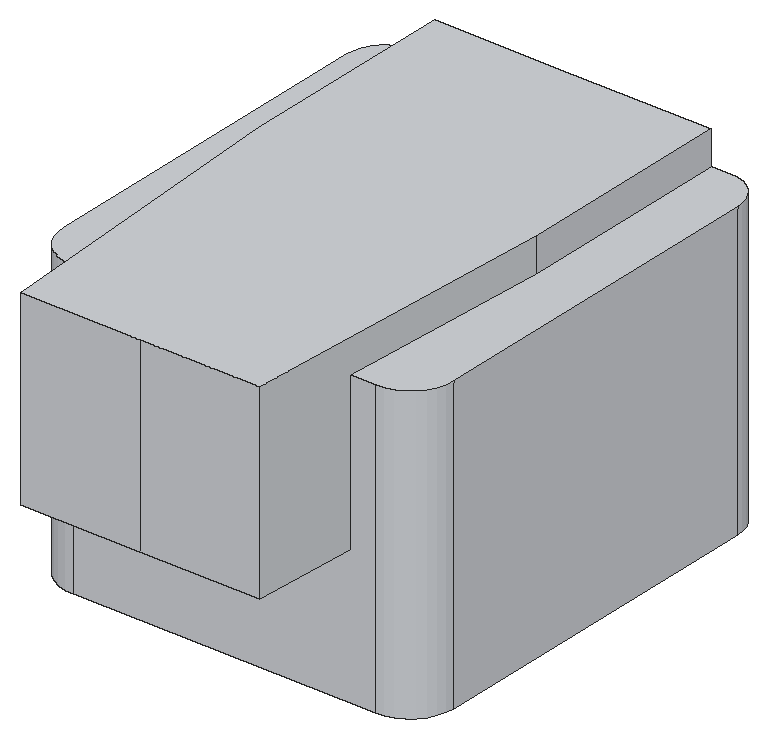
Revit family "ElectricalFixture_Hager_IP66SocketOutlets", category Lighting Fixtures, host Face, Revit 2015
Parameters (values of type "WXPS81")
  _DistributedBy = "www.bimstore.co.uk"
  _CurrentRevision = 0
  _CreatedBy = "MajentaSolutions"
  _BimstoreBibleVersion = "V14"
  _BimSpecGuid = 0
  _Author = "MajentaSolutions"
  WarrantyStartDate [instance] = ""
  WarrantyGuarantorParts = "10"
  WarrantyGuarantorLabor = ""
  WarrantyDurationUnit = "Years"
  WarrantyDurationParts = 10
  WarrantyDurationLabor = 0
  WarrantyDescription = "See Manufacturer"
  Voltage = "230V/240V"
  URL = "http://www.hager.co.uk/"
  TypeName = "ElectricalFixture_IP66SocketOutlets_WXPS81"
  Type Comments = Model  # "WXPS81"
  Two Way = no
  TagNumber [instance] = ""
  Switch Width = 0 mm
  Switch Height = 0 mm
  Switch Distance From Right [instance] = 18 mm
  Switch = yes
  SustainabilityPerformance = ""
  Supply Phase = "1"
  Size = ""
  Shape = "Rectangular"
  ServiceLifeDuration = 0
  SerialNumber [instance] = EAN  # "3250617260060"
  ReplacementCost = 0
  One Way = no
  NominalWidth = 64.09 mm
  NominalLength = 103 mm
  NominalHeight = 115 mm
  NominalDepth = Extrusion From Wall + Back Plate Depth  # 55.499 mm
  NBSReference = ClassificationValue  # "Pr_65_72_97"
  NBSOfficeMasterTag = "n/a"
  NBSObjectName = "Hager_IP66SocketOutlets_WXPS81"
  NBSNote = ""
  NBSDescription = Category  # "ElectricalFixture"
  ModelReference = Model  # "WXPS81"
  ModelNumber = Model  # "WXPS81"
  ModelLabel = ""
  Model = "WXPS81"
  Material = "Urea Formaldehyde Thermoset Plastic"
  ManufacturerName = "Hager"
  Manufacturer = "Hager"
  LED Indicator Switch = no
  Keynote = "16400"
  InstallationDate [instance] = ""
  IfcExportType = "ElectricalFixture"
  IfcExportAs = "ElectricalFixture"
  Grade = ""
  Frequency = "50/60Hz"
  Finish = ""
  Features = Description  # "IP66Single13AUnswitchedSocket"
  Extrusion From Wall = 16.6 mm
  ExpectedLife = 25
  EAN = "3250617260060"
  DurationUnit = "Years"
  DocumentationTechnical = "http://www.hager.co.uk/product-catalogue/energy-distribution/consumer-units/design-range-of-consumer-units/design-30/51045.htm"
  DocumentationMaintenance = ""
  DocumentationLiterature = "http://www.hager.co.uk/product-catalogue/wiring-accessories/sollysta/38662.htm"
  DocumentationInstallationGuide = ""
  DocumentationCertificates = "http://www.hager.co.uk/product-catalogue/wiring-accessories/sollysta/38662.htm"
  Description = "IP66Single13AUnswitchedSocket"
  Default Elevation = 500 mm
  CreatedOn = "12.06.17"
  CreatedBy = "MajentaSolutions"
  Constituents = ""
  Colour = "RAL9010WhiteGloss"
  CodePerformance = ""
  ClassificationValue = "Pr_65_72_97"
  ClassificationName = "Uniclass2015"
  Category = "ElectricalFixture"
  BarCode [instance] = ""
  Back Plate Width = 90 mm
  Back Plate Height = 90 mm
  Back Plate Depth = 38.899 mm
  BIMObjectName = "Hager_ElectricalFixture_WXPS81"
  AssetType = "Fixed"
  AssetIdentifier [instance] = ""
  Assembly Code = ""
  AccessibilityPerformance = ""
  2 Gang = no
  1Gang = yes
Types (4, lengths in mm): name | TypeName | Type Comments | SerialNumber | NominalLength | NBSObjectName | ModelReference | ModelNumber | Model | Features | EAN | Description | BIMObjectName
  WXPS81 | "ElectricalFixture_IP66SocketOutlets_WXPS81" | "WXPS81" | "3250617260060" | 103 | "Hager_IP66SocketOutlets_WXPS81" | "WXPS81" | "WXPS81" | "WXPS81" | "IP66Single13AUnswitchedSocket" | "3250617260060" | "IP66Single13AUnswitchedSocket" | "Hager_ElectricalFixture_WXPS81"
  WXPS82 | "ElectricalFixture_IP66SocketOutlets_WXPS82" | "WXPS82" | "3250617260077" | 164 | "Hager_IP66SocketOutlets_WXPS82" | "WXPS82" | "WXPS82" | "WXPS82" | "IP66Twin13AUnswitchedSocket" | "3250617260077" | "IP66Twin13AUnswitchedSocket" | "Hager_ElectricalFixture_WXPS82"
  WXPSS81 | "ElectricalFixture_IP66SocketOutlets_WXPSS81" | "WXPSS81" | "3250617260091" | 103 | "Hager_IP66SocketOutlets_WXPSS81" | "WXPSS81" | "WXPSS81" | "WXPSS81" | "IP66Single13ADoublePoleSwitchedSocket" | "3250617260091" | "IP66Single13ADoublePoleSwitchedSocket" | "Hager_ElectricalFixture_WXPSS81"
  WXPSS82 | "ElectricalFixture_IP66SocketOutlets_WXPS82" | "WXPSS82" | "3250617260107" | 164 | "Hager_IP66SocketOutlets_WXPSS82" | "WXPSS82" | "WXPSS82" | "WXPSS82" | "IP66Twin13ADoublePoleSwitchedSocket" | "3250617260107" | "IP66Twin13ADoublePoleSwitchedSocket" | "Hager_ElectricalFixture_WXPSS82"
Reference planes
  plane 1 "Center (Front/Back)": y = 0
  plane 2: z = 0
  plane 3 "Center (Left/Right)": x = 0
  plane 4: y = 55.6
  plane 5: y = -59.4
  plane 6: z = 0
  plane 7: z = 0
  plane 8: x = -51.5
  plane 9: x = 51.5
  plane 10: z = -36.101
  plane 11: z = 2.798
  plane 12: z = 19.398
  plane 13: z = 27.989
  plane 14: z = -36.101
  plane 15: x = -36.5
  plane 16: x = 36.5
Forms (mm)
  Extrusion 1, solid, detail levels fine
    sketch origin (0, 0, 0) x (1, 0, 0) y (0, 1, 0)
      loop
        line (-51.5, 45.6) -> (-51.5, -47.554)
        arc (-51.5, -47.554) -> (-48.031, -55.931) -> (-39.654, -59.4) r 11.846
        line (-39.654, -59.4) -> (39.955, -59.4)
        arc (39.955, -59.4) -> (48.119, -56.019) -> (51.5, -47.855) r 11.545
        line (51.5, -47.855) -> (51.5, 45.6)
        arc (51.5, 45.6) -> (48.571, 52.671) -> (41.5, 55.6) r 10
        line (41.5, 55.6) -> (-41.5, 55.6)
        arc (-41.5, 55.6) -> (-48.571, 52.671) -> (-51.5, 45.6) r 10
    from -36.101 to 41.274
  Extrusion 2, solid, detail levels fine
    sketch origin (0, 0, 0) x (1, 0, 0) y (0, 1, 0)
      loop
        arc (-36.5, -2.003) -> (-35.253, -44.625) -> (-31.514, -87.101) r 728.756
        line (-31.514, -87.101) -> (0, -87.101) -> (31.514, -87.101)
        arc (31.514, -87.101) -> (35.253, -44.625) -> (36.5, -2.003) r 728.756
        line (36.5, -2.003) -> (36.5, 55.6) -> (0, 55.6) -> (-36.5, 55.6) -> (-36.5, -2.003)
    from 0 to 50.117
  Extrusion 3, solid, detail levels medium
    sketch origin (0, 0, 0) x (1, 0, 0) y (0, 1, 0)
      loop
        line (-51.5, 55.6) -> (-51.5, -87.101) -> (51.5, -87.101) -> (51.5, 55.6) -> (-51.5, 55.6)
    from 0 to 41.274
Lines and regions (mm)
  symbolic lines, visible <- "Two Way", not visible, detail levels coarse
    curve 1: line (7.461, 0, 21.368) -> (-7.539, 0, 21.368)
    curve 2: line (-7.539, 0, 21.368) -> (7.461, 0, 41.274)
    curve 3: arc (7.461, 0, 41.274) -> (-0.039, 0, 48.774) -> (-7.539, 0, 41.274) r 7.5
  symbolic lines, not visible, detail levels coarse
    curve 4: circle (-22.767, 0, 31.306) r 10.367 normal (0, -1, 0)
    curve 5: line (-12.4, 0, 31.306) -> (32.6, 0, 31.306)
  symbolic lines, detail levels coarse
    curve 6: circle (22.767, 0, 31.306) r 10.367 normal (0, 1, 0)
    curve 7: line (12.4, 0, 31.306) -> (-32.6, 0, 31.306)
  symbolic lines, visible <- "Two Way", detail levels coarse
    curve 8: line (-7.461, 0, 21.368) -> (7.539, 0, 21.368)
    curve 9: line (7.539, 0, 21.368) -> (-7.461, 0, 41.274)
    curve 10: arc (-7.461, 0, 41.274) -> (0.039, 0, 48.774) -> (7.539, 0, 41.274) r 7.5
  model lines
    curve 11: line (-51.5, 45.6, 0) -> (-51.5, -47.554, 0)
    curve 12: arc (-51.5, -47.554, 0) -> (-48.031, -55.931, 0) -> (-39.654, -59.4, 0) r 11.846
    curve 13: line (-39.654, -59.4, 0) -> (39.955, -59.4, 0)
    curve 14: arc (39.955, -59.4, 0) -> (48.119, -56.019, 0) -> (51.5, -47.855, 0) r 11.545
    curve 15: line (51.5, -47.855, 0) -> (51.5, 45.6, 0)
    curve 16: arc (51.5, 45.6, 0) -> (48.571, 52.671, 0) -> (41.5, 55.6, 0) r 10
    curve 17: line (41.5, 55.6, 0) -> (-41.5, 55.6, 0)
    curve 18: arc (-41.5, 55.6, 0) -> (-48.571, 52.671, 0) -> (-51.5, 45.6, 0) r 10
    curve 19: line (-31.514, -87.101, 0) -> (0, -87.101, 0)
    curve 20: line (0, -87.101, 0) -> (31.514, -87.101, 0)
    curve 21: arc (31.514, -87.101, 0) -> (35.253, -44.625, 0) -> (36.5, -2.003, 0) r 728.756
    curve 22: line (36.5, -2.003, 0) -> (36.5, 55.6, 0)
    curve 23: line (36.5, 55.6, 0) -> (0, 55.6, 0)
    curve 24: line (0, 55.6, 0) -> (-36.5, 55.6, 0)
    curve 25: line (-36.5, 55.6, 0) -> (-36.5, -2.003, 0)
    curve 26: arc (-36.5, -2.003, 0) -> (-35.253, -44.625, 0) -> (-31.514, -87.101, 0) r 728.756
Dimensions and locks
  "NominalHeight": plane 4 to plane 5
  equal spacing: plane 8, plane 3 "Center (Left/Right)", plane 9
  "NominalLength": plane 8 to plane 9
  "Back Plate Depth": plane 11 to plane 10
  "Extrusion From Wall": plane 12 to plane 11
  "NominalWidth": plane 13 to plane 10
  plane 7 to plane 10 = 36.101 mm
  plane 3 "Center (Left/Right)" to Extrusion 1 = 51.5 mm
  equal spacing: plane 15, plane 3 "Center (Left/Right)", plane 16
  locked: plane 8 to plane 15 at 15
  aligned and locked: plane 2 to host face
  aligned and locked: level to host face
  aligned and locked: Extrusion 1 sketch curve to plane 8
  aligned and locked: Extrusion 1 sketch curve to plane 9
  aligned and locked: Extrusion 1 sketch curve to plane 5
  aligned and locked: Extrusion 1 sketch curve to plane 4
  aligned and locked: Extrusion 2 sketch curve to plane 4
  aligned and locked: plane 10 to Extrusion 1
  aligned and locked: Extrusion 2 sketch curve to plane 15
  aligned and locked: plane 16 to Extrusion 2 sketch curve
  aligned and locked: Extrusion 3 sketch curve to Extrusion 2
  aligned and locked: Extrusion 3 sketch curve to plane 8
  aligned and locked: Extrusion 3 sketch curve to plane 9
  aligned and locked: Extrusion 3 sketch curve to plane 4
  aligned and locked: curve 11 to Extrusion 1
  aligned and locked: curve 13 to Extrusion 1
  aligned and locked: curve 15 to Extrusion 1
  aligned and locked: curve 17 to Extrusion 1
  aligned and locked: curve 19 to Extrusion 2
  aligned and locked: curve 20 to Extrusion 2
  aligned and locked: curve 21 to Extrusion 2
  aligned and locked: curve 23 to Extrusion 2
  aligned and locked: curve 24 to Extrusion 2
  aligned and locked: curve 25 to Extrusion 2
  aligned and locked: curve 26 to Extrusion 2
  aligned and locked: Extrusion 3 to curve 10
Automatic sketch dimensions
  host sketch curve to host sketch curve = 2438.4 mm  (x2)
  plane 8 to Extrusion 1 sketch curve = 10 mm
  Extrusion 1 sketch curve to Extrusion 1 sketch curve = 11.846 mm
  Extrusion 1 sketch curve to Extrusion 1 sketch curve = 11.545 mm
  Extrusion 1 sketch curve to Extrusion 1 sketch curve = 10 mm
  Extrusion 2 sketch curve to plane 3 "Center (Left/Right)" = 0 mm  (x2)
  plane 1 "Center (Front/Back)" to Extrusion 2 sketch curve = 2.003 mm  (x2)
  Extrusion 2 sketch curve to plane 8 = 640.756 mm
  plane 15 to Extrusion 2 sketch curve = 4.986 mm
  plane 16 to Extrusion 2 sketch curve = 4.986 mm
  plane 8 to curve 13 = 11.846 mm
  curve 16 to plane 4 = 10 mm
  curve 24 to plane 3 "Center (Left/Right)" = 0 mm
  curve 20 to plane 3 "Center (Left/Right)" = 0 mm
  curve 18 to curve 25 = 5 mm
  curve 22 to curve 14 = 3.455 mm
Connectors
  electrical at (0.038, -1.476, -36.101)
    settings: on Extrusion 1, index 1, voltage 230 V, apparent load 0 VA, apparent load phase1 0 VA, apparent load phase2 0 VA, apparent load phase3 0 VA, power factor 1, load classification "Other", number of poles 1, system type 31, power factor state 1, is connector primary yes, connector utility no, sub classification motor no, connector description ""
